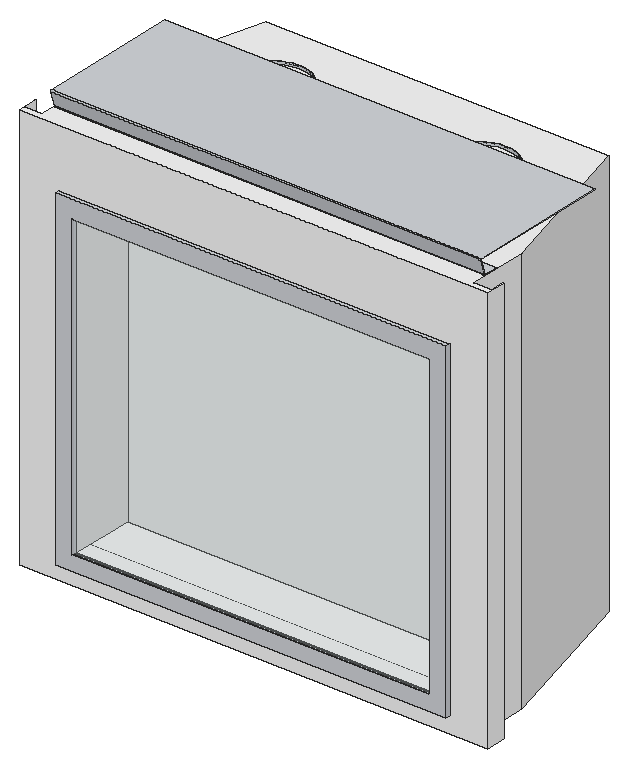
Revit family "DVCT40CFP95(N,P)-3-montigo-residential", category Generic Models, Revit 2021
Family settings
  Can host rebar = No
  Round Connector Dimension = Use Diameter
  Part Type = Normal
  Work Plane-Based = No
  Always vertical = Yes
  Cut with Voids When Loaded = No
  Shared = No
  Room Calculation Point = No
Parameters
  URL = "https://www.montigo.com/"
  Model = ""
  Manufacturer Fax = ""
  Manufacturer Website = "https://www.montigo.com/"
  Manufacturer Phone - Toll Free = "800-378-3115"
  Manufacturer Phone = ""
  Manufacturer Address = "27342 Gloucester Way  Langley, BC, Canada   V4W 4A1"
  Manufacturer = "Montigo"
  Keynote = ""
  Glazing Tint = Glass - Montigo - Tint as Specified
  Frame Material = Metal - Montigo - Black
  Firebox Material = Metal - Montigo - White
  Description = "Montigo Fireplace as Specified"
  Default Elevation = 0"
Reference planes (in)
  plane 1 "Center (Front/Back)": y = 0
  plane 2: z = 0
  plane 3 "Center (Left/Right)": x = 0
Forms (in)
  Extrusion 1, solid, material "Metal - Montigo - White" <- "Firebox Material"
    sketch origin (189, -15, 0) x (1, 0, 0) y (0, 1, 0)
      loop
        line (-164.52133, 15) -> (-164.52133, 17.03065) -> (-164.55331, 17.03065) -> (-164.55331, 15.53165) -> (-166.46311, 15.53165) -> (-166.46311, 21.80753) -> (-171.05267, 38.93601) -> (-206.96443, 38.93601) -> (-211.57686, 21.72217) -> (-211.57686, 15.53165) -> (-213.44669, 15.53165) -> (-213.44669, 17.03065) -> (-213.47867, 17.03065) -> (-213.47867, 15) -> (-164.52133, 15)
    from 0 to 42.6875
  Extrusion 2, solid, material "Glass - Montigo - Tint as Specified" <- "Glazing Tint"
    sketch origin (68.76107, 3.48344, -8.21707) x (-1, 0, 0) y (0, 0, -1)
      loop
        line (50.07357, -42.84207) -> (87.44857, -42.84207) -> (87.44857, -11.34207) -> (50.07357, -11.34207) -> (50.07357, -42.84207)
    from 3.72165 to 1.60844
  Extrusion 3, solid
    sketch origin (0, 0, 0) x (1, 0, 0) y (0, 1, 0)
      loop
        circle (0, 13.98225) r 2.65913
      loop
        circle (0, 13.98225) r 2.62788
    from 42.6875 to 43.0625
  Extrusion 4, solid
    sketch origin (0, 0, 0) x (1, 0, 0) y (0, 1, 0)
      loop
        line (-20.4375, 0) -> (-20.4375, -0.41672) -> (20.4375, -0.41672) -> (20.4375, 0) -> (-20.4375, 0)
    from 1.625 to 36.5
  Extrusion 5, void
    sketch origin (18.46875, -0.41672, 0) x (1, 0, 0) y (0, 0, -1)
      loop
        line (-37.15625, -34.625) -> (0.21875, -34.625) -> (0.21875, -3.125) -> (-37.15625, -3.125) -> (-37.15625, -34.625)
    from 0 to 7.20812
  Extrusion 6, solid
    sketch origin (0, 0, 0) x (0, 1, 0) y (0, 0, 1)
      loop
        line (2.10714, 42.72007) -> (3.62375, 42.72007) -> (3.62375, 42.76994) -> (2.10714, 42.76994)
        arc (2.10714, 42.76994) -> (2.07836, 42.77957) -> (2.06116, 42.80459) r 0.04783
        line (2.06116, 42.80459) -> (1.60873, 44.38239)
        arc (1.60873, 44.38239) -> (1.61651, 44.42436) -> (1.65472, 44.44341) r 0.04783
        line (1.65472, 44.44341) -> (16.48914, 44.44341) -> (16.48914, 44.49328) -> (1.65472, 44.49328)
        arc (1.65472, 44.49328) -> (1.57669, 44.45438) -> (1.5608, 44.36865) r 0.0977
        line (1.5608, 44.36865) -> (2.01323, 42.79084)
        arc (2.01323, 42.79084) -> (2.04834, 42.73974) -> (2.10714, 42.72007) r 0.0977
    from -22.48592 to 22.48592
  Extrusion 7, solid
    sketch origin (0, 0, 0) x (1, 0, 0) y (0, 1, 0)
      loop
        circle (-10.77783, 15.975) r 3.46783
      loop
        circle (-10.77783, 15.975) r 3.49068
    from 42.76994 to 43.0625
  Extrusion 8, solid
    sketch origin (0, 0, 0) x (-1, 0, 0) y (0, -1, 0)
      loop
        circle (-10.77783, -15.975) r 3.46783
      loop
        circle (-10.77783, -15.975) r 3.49068
    from 42.76994 to 43.0625
Cuts and joins
  Extrusion 5 cuts Extrusion 1
  Extrusion 5 cuts Extrusion 4
Lines and regions (in)
  Masking region 1
    outline origin (0, 41.55827, 34.26683) x (0, 1, 0) y (0, 0, 1)
      loop
        line (-25.06913, 10.17658) -> (-25.06913, 10.22645) -> (-39.90355, 10.22645)
        arc (-39.90355, 10.22645) -> (-39.98158, 10.18754) -> (-39.99747, 10.10181) r 0.0977
        line (-39.99747, 10.10181) -> (-39.54504, 8.52401)
        arc (-39.54504, 8.52401) -> (-39.50992, 8.47291) -> (-39.45112, 8.45324) r 0.0977
        line (-39.45112, 8.45324) -> (-37.93451, 8.45324) -> (-37.93451, 8.50311) -> (-39.45112, 8.50311)
        arc (-39.45112, 8.50311) -> (-39.47991, 8.51274) -> (-39.4971, 8.53775) r 0.04783
        line (-39.4971, 8.53775) -> (-39.94953, 10.11556)
        arc (-39.94953, 10.11556) -> (-39.94175, 10.15753) -> (-39.90355, 10.17658) r 0.04783
        line (-39.90355, 10.17658) -> (-25.06913, 10.17658)
  symbolic lines
    curve 1: line (129.0333, -6.15625, 107.49519) -> (129.0333, -6.15625, 106.74519)
Dimensions and locks (in)
  aligned and locked: level to plane 2
Connectors (in)
  hvac at (0, 13.98225, 43.0625)
    settings: on Extrusion 3, index 1, duct flow 0.0 L/s, flow factor 0, pres drop 0.0 Pa, loss coef 0, conn angle 0.00°, conn width 304.8 mm, conn height 304.8 mm, conn diameter 127 mm, duct sys type 3, conn prof type 0, flow config 0, flow direction 0, loss method 0, conn ref index -1, conn util no, is conn primary yes, conn desc ""
